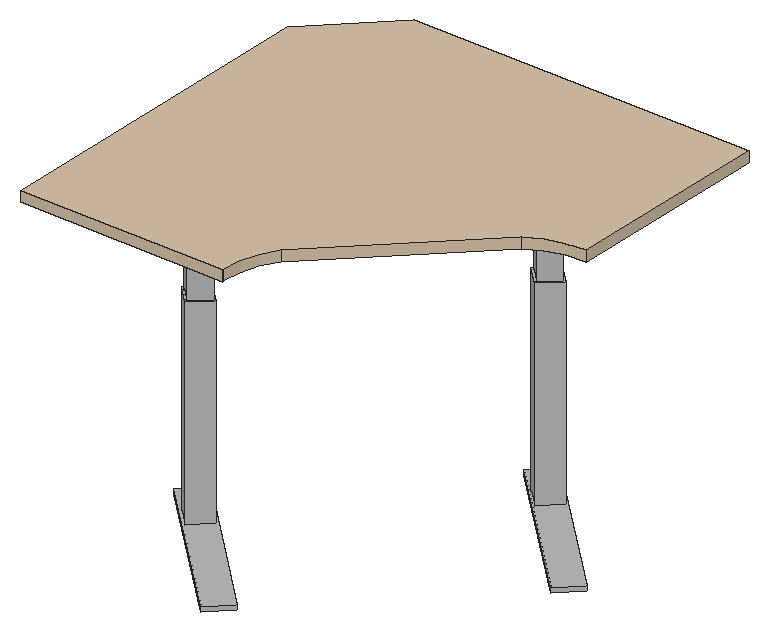
Revit family "Haworth_Planes_HeightAdjustTable_90-Notched", category Furniture Systems, Revit 2018
Family settings
  Round Connector Dimension = Use Diameter
  Part Type = Normal
  OmniClass Number = 23.40.70.14.64.21
  OmniClass Title = Systems Furniture
  Work Plane-Based = No
  Always vertical = Yes
  Cut with Voids When Loaded = No
  Shared = No
  Room Calculation Point = No
Parameters (values of type "46w 23d")
  Width = 46"
  Warranty = "http://www.haworth.com/resources/product-info/warranties"
  URL - Product = "https://www.haworth.com/products/tables/height-adjustable/planes"
  Table Finish [instance] = Haworth _ Laminate _ Maple H-AE
  Table Edge Finish [instance] = Haworth _ Laminate _ Maple H-AE
  Model = "TACN"  # constant formula
  Min/Max Width = "34, 40, 46 in."  # constant formula
  Min/Max Depth = "23 in."  # constant formula
  Min. Height = 27"  # constant formula
  Min. Width = 34"  # constant formula
  Min. Depth = 23"  # constant formula
  Max. Height = 46"  # constant formula
  Max. Width = 46"  # constant formula
  Max. Depth = 23"  # constant formula
  URL = "www.haworth.com"
  Support Height = Actual Height - Top Thickness  # 38 13/16"
  Size = "Verify Final Dim. w/ Haworth"  # constant formula
  Revision Number = "1"  # constant formula
  Manufacturer = "Haworth"  # constant formula
  Leg Side Offset = if(Width < 40", 11 1/2", if(Width = 40", 14", 17"))  # 17"
  Leg Finish [instance] = Haworth _ Paint _ Metallic Champagne
  Leg Back Offset = if(Width < 40", 14 11/32", if(Width = 40", 16 31/32", 18 5/32"))  # 18 5/32"
  Height = 40"
  Description = "Haworth Planes - HAT - 90 Notched - 46w 23d"
  Depth = 23"
  Custom Size = not(and(Depth = 23", or(Width = 34", Width = 40", Width = 46")))  # no
  Base Tube Finish = Haworth _ Paint _ Smoke
  Back Start Control = if(Actual Width < 40", 4 1/4", 5 83/128")  # 5 83/128"
  Author = "Haworth (Alias)"  # constant formula
  Assembly Code = "E2020200"
  Actual Width = if(Width > Max. Width, Max. Width, if(Width < Min. Width, Min. Width, Width))  # 46"
  Actual Height = if(Height > Max. Height, Max. Height, if(Height < Min. Height, Min. Height, Height))  # 40"
  Top Thickness = 1 3/16"  # constant formula
  Actual Depth = if(Depth > Max. Depth, Max. Depth, if(Depth < Min. Depth, Min. Depth, Depth))  # 23"
  23 Deep = Actual Depth < 27"  # yes
Types (3): name | Width | Leg Side Offset | Leg Back Offset | Description | Back Start Control | Actual Width
  40w 23d | 40" | 14" | 16 31/32" | "Haworth Planes - HAT - 90 Notched - 40w 23d" | 5 83/128" | 40"
  34w 23d | 34" | 11 1/2" | 14 11/32" | "Haworth Planes - HAT - 90 Notched - 34w 23d" | 4 1/4" | 34"
  46w 23d | 46" | 17" | 18 5/32" | "Haworth Planes - HAT - 90 Notched - 46w 23d" | 5 83/128" | 46"
Reference planes (in)
  plane 1 "Floor": z = 0
  plane 2 "Center L/R": x = 9
  plane 3 "Top": z = 40
  plane 4 "Table Bottom": z = 38.8125
  plane 5 "Back": y = 5.5
  plane 6 "Left": x = -14
  plane 7 "Inside Front": y = -17.5
  plane 8 "Right": x = 32
  plane 9 "Front": y = -40.5
  plane 10 "Inside Right": x = 9
  plane 11 "masking region": z = 38
  plane 12 "Center Angle": through (-14, 5.5, 48) normal (0.7071, 0.7071, 0)
  plane 13 "Back Angle": through (-1.97918, 17.52082, 48) normal (0.7071, 0.7071, 0)
  plane 14 "Front Angle": through (-26.02082, -6.52082, 48) normal (0.7071, 0.7071, 0)
  plane 15 "Center FB": y = -17.5
  plane 16 "Back Worksurface": through (-10.00595, 1.50595, 48) normal (0.7071, -0.7071, 0)
  plane 17 "Leg Middle": through (11.31774, -2.84717, 48) normal (0.7071, -0.7071, 0)
  plane 18 "Back Top Angle": through (-14, 5.5, 48) normal (-0.7071, 0.7071, 0)
Dimensions and locks (in)
  "Actual Height": plane 3 "Top" to level
  "Top Thickness": plane 3 "Top" to plane 4 "Table Bottom"
  "Actual Width": plane 8 "Right" to plane 6 "Left"
  equal spacing: plane 8 "Right", plane 2 "Center L/R", plane 6 "Left"
  "Actual Depth": plane 5 "Back" to plane 7 "Inside Front"
  "Actual Width": plane 5 "Back" to plane 9 "Front"
  "Actual Depth": plane 6 "Left" to plane 10 "Inside Right"
  locked: plane 3 "Top" to plane 11 "masking region" at 2
  equal spacing: plane 5 "Back", plane 15 "Center FB", plane 9 "Front"
  "Leg Side Offset": plane 13 "Back Angle" to plane 12 "Center Angle"
  "Leg Side Offset": plane 12 "Center Angle" to plane 14 "Front Angle"
  "Back Start Control": plane 18 "Back Top Angle" to plane 16 "Back Worksurface"
  "Leg Back Offset": plane 17 "Leg Middle" to plane 16 "Back Worksurface"
  aligned and locked: plane 1 "Floor" to nested 1
  aligned and locked: plane 1 "Floor" to nested 2
  aligned and locked: plane 5 "Back" to nested 2
  aligned and locked: nested 2 to plane 6 "Left"
  aligned and locked: nested 1 to plane 17 "Leg Middle"
  aligned and locked: nested 3 to plane 17 "Leg Middle"
  aligned and locked: nested 1 to plane 14 "Front Angle"
  aligned and locked: plane 13 "Back Angle" to nested 3
  aligned and locked: nested 3 to plane 1 "Floor"
Nested families (in)
  nested 1: "Haworth_Support-Height_Adjustable_Leg_Part" at (-8.21609, -22.381, 0) x (0.7071, 0.7071, 0) z (0, 0, 1), type "Leg"
    with Leg Height 38 13/16"
  nested 2: "Haworth_Planes_Worksurface_90Notched_Part" at (6, -29.5, 0), type "Worksurface"
    with Actual Height 40"
  nested 3: "Haworth_Support-Height_Adjustable_Leg_Part" at (13.881, -0.28391, 0) x (-0.7071, -0.7071, 0) z (0, 0, 1), type "Leg"
    with Leg Height 38 13/16"
Definition of nested family "Haworth_Support-Height_Adjustable_Leg_Part"
  Parameters (values of type "Leg")
    URL = "www.haworth.com"
    Top Support Front = if([29 Deep], 14 1/8", 8 1/8")  # 8 1/8"
    Note = "Verify Final Dim. w/ Haworth"  # constant formula
    Manufacturer = "Haworth"  # constant formula
    Leg Length Middle = if([29 Deep], 9 1/8", 7 1/8")  # 7 1/8"
    Leg Length Front = if([29 Deep], 19 5/16", 16 5/16")  # 16 5/16"
    Leg Length Back = if([29 Deep], 8 1/8", 5 1/8")  # 5 1/8"
    Leg Height = 27 13/16"
    Leg Finish = none
    Glide Finish = none
    Base Tube Finish = none
    Assembly Code = ""
    Actual Depth = if([29 Deep], 27 7/16", 21 7/16")  # 21 7/16"
    29 Deep = not([23 Deep])  # no
    23 Deep = yes
  Reference planes (in)
    plane 1 "Center (Front/Back)": y = 0
    plane 2 "Bottom": z = 0
    plane 3 "Center (Left/Right)": x = 0
    plane 4 "Bottom of Top": z = 27.8125
    plane 5 "Top of Base": z = 2.5625
    plane 6: z = 1.5625
    plane 7: y = 2.4375
    plane 8: y = -12.125
    plane 9: x = 1.375
    plane 10: x = -1.375
    plane 11: x = -1.625
    plane 12: x = 1.625
    plane 13: y = 5.125
    plane 14: y = -16.3125
    plane 15: y = -14.9375
    plane 16: y = 3.9375
    plane 17 "Support Bottom": z = 25.1875
    plane 18: z = 26.5
    plane 19: y = 7.875
    plane 20: y = -8.125
    plane 21 "Top of Leg": z = 23.5625
  Forms (in)
    Extrusion 1, solid, material <- "Leg Finish"
      sketch origin (0, 0, 0) x (0, -1, 0) y (0, 0, -1)
        loop
          line (16.3125, -0.375) -> (-5.125, -0.375) -> (-5.125, -0.875) -> (16.3125, -0.875) -> (16.3125, -0.375)
      from -1.625 to 1.625
    Extrusion 2, solid, material <- "Leg Finish"
      sketch origin (0, 0, 2.5625) x (-1, 0, 0) y (0, -1, 0)
        loop
          line (1.375, -1.375) -> (1.375, 1.375) -> (-1.375, 1.375) -> (-1.375, -1.375) -> (1.375, -1.375)
      from -1.6875 to 21
    Extrusion 3, solid, material <- "Leg Finish"
      sketch origin (-1.375, -19.87459, 48) x (0, -1, 0) y (0, 0, -1)
        loop
          line (-10.24959, 20.1875) -> (-10.24959, 21.66628) -> (-16.14638, 22.8125) -> (-20.66006, 22.8125) -> (-26.24959, 20.55418) -> (-26.24959, 20.1875) -> (-10.24959, 20.1875)
      from 0 to -0.125
    Extrusion 4, solid, material <- "Base Tube Finish"
      sketch origin (0, 0, 2.5625) x (-1, 0, 0) y (0, -1, 0)
        loop
          line (1.1875, -1.1875) -> (1.1875, 1.1875) -> (-1.1875, 1.1875) -> (-1.1875, -1.1875) -> (1.1875, -1.1875)
      from 21 to 25.25
    Extrusion 5, solid, material <- "Glide Finish"
      sketch origin (0, 0, 0) x (1, 0, 0) y (0, 1, 0)
        loop
          circle (0, 2.4375) r 1.12339
        loop
          circle (0, -12.125) r 1.12816
      from 0 to 0.375
  Cuts and joins
    joined: Extrusion 1, Extrusion 2
  Lines and regions (in)
    Masking region 1, detail levels medium+fine
      outline origin (0, 0, 0) x (1, 0, 0) y (0, 1, 0)
        loop
          line (-1.625, -16.3125) -> (1.625, -16.3125) -> (1.625, 5.125) -> (-1.625, 5.125) -> (-1.625, -16.3125)
    symbolic lines, detail levels medium+fine
      curve 1: line (-1.375, 1.375, 0) -> (1.375, 1.375, 0)
      curve 2: line (-1.375, -1.375, 0) -> (-1.375, 1.375, 0)
      curve 3: line (1.375, -1.375, 0) -> (-1.375, -1.375, 0)
      curve 4: line (1.375, 1.375, 0) -> (1.375, -1.375, 0)
  Dimensions and locks (in)
    "Leg Height": plane 4 "Bottom of Top" to level
    level to plane 5 "Top of Base" = 2 9/16"
    level to plane 6 = 1 9/16"
    locked: plane 10 to plane 9 at 2.75
    locked: plane 11 to plane 12 at 3.25
    equal spacing: plane 11, plane 3 "Center (Left/Right)", plane 12
    equal spacing: plane 10, plane 3 "Center (Left/Right)", plane 9
    plane 4 "Bottom of Top" to plane 17 "Support Bottom" = 2 5/8"
    Extrusion 2 sketch curve to plane 1 "Center (Front/Back)" to Extrusion 2 sketch curve = 1 3/8", 1 3/8"
    locked: plane 21 "Top of Leg" to level at 23.5625
    "Leg Length Front": plane 14 to plane 1 "Center (Front/Back)"
    "Leg Length Back": plane 1 "Center (Front/Back)" to plane 13
    locked: plane 14 to plane 15 at 1.375
    locked: plane 15 to plane 8 at 2.8125
    locked: plane 16 to plane 13 at 1.1875
    locked: plane 7 to plane 16 at 1.5
    plane 1 "Center (Front/Back)" to plane 13 = 5 1/8"
    "Top Support Front": plane 20 to plane 1 "Center (Front/Back)"
    angle plane 4 "Bottom of Top" to Extrusion 3 sketch curve = 22.00°
    angle Extrusion 3 sketch curve to plane 4 "Bottom of Top" = 11.00°
    aligned and locked: plane 12 to Extrusion 1
    aligned and locked: Extrusion 1 to plane 11
    aligned and locked: plane 10 to Extrusion 2 sketch curve
    aligned and locked: Extrusion 2 sketch curve to plane 9
    aligned: plane 4 "Bottom of Top" to Extrusion 2
    aligned and locked: Extrusion 3 sketch curve to plane 17 "Support Bottom"
    aligned and locked: Extrusion 3 sketch curve to plane 4 "Bottom of Top"
    aligned and locked: plane 21 "Top of Leg" to cut or joined group of Extrusion 1, Extrusion 2
    aligned and locked: plane 4 "Bottom of Top" to Extrusion 4
    aligned and locked: Extrusion 2 to Extrusion 1
    aligned and locked: Masking region 1 sketch curve to plane 12
    aligned and locked: plane 11 to Masking region 1 sketch curve
    aligned and locked: plane 14 to Masking region 1 sketch curve
    aligned and locked: curve 1 to cut or joined group of Extrusion 1, Extrusion 2
    aligned and locked: curve 2 to cut or joined group of Extrusion 1, Extrusion 2
    aligned and locked: curve 3 to cut or joined group of Extrusion 1, Extrusion 2
    aligned and locked: curve 4 to cut or joined group of Extrusion 1, Extrusion 2
  Automatic sketch dimensions
    plane 19 to Extrusion 3 sketch curve = 1 1/2"
    plane 20 to Extrusion 3 sketch curve = 1 1/2"
    plane 1 "Center (Front/Back)" to Extrusion 3 sketch curve = 0.78546"
    Extrusion 3 sketch curve to plane 1 "Center (Front/Back)" = 3.72822"
    Extrusion 4 sketch curve to plane 9 = 3/16"
    plane 10 to Extrusion 4 sketch curve = 3/16"
    Extrusion 4 sketch curve to plane 1 "Center (Front/Back)" = 1 3/16"
    plane 1 "Center (Front/Back)" to Extrusion 4 sketch curve = 1 3/16"
    Extrusion 5 sketch curve to plane 3 "Center (Left/Right)" = 0"  (x2)
    Extrusion 5 sketch curve to plane 8 = 0"
    Extrusion 5 sketch curve to plane 7 = 0"
    Extrusion 1 sketch curve to plane 13 = 0"
    Extrusion 1 sketch curve to plane 14 = 0"
    Extrusion 1 sketch curve to level = 3/8"
    Extrusion 1 sketch curve to Extrusion 1 sketch curve = 1/2"
    Masking region 1 sketch curve to plane 13 = 0"
    radius of Extrusion 5 sketch curve = 1.12339"
    radius of Extrusion 5 sketch curve = 1.12816"
Definition of nested family "Haworth_Planes_Worksurface_90Notched_Part"
  Parameters (values of type "Worksurface")
    Warranty = "http://www.haworth.com/resources/product-info/warranties"
    User Edge Offset = if(Actual Width < 40", 37 1/4", if(Actual Width < 46", 41 1/2", 45 3/4"))  # 45 3/4"
    URL - Product = "https://www.haworth.com/products/tables/height-adjustable/planes"
    URL = "www.haworth.com"
    Thickness = 1 3/16"  # constant formula
    Table Finish = none
    Table Edge Finish = none
    Size = "Verify Final Dim. w/ Haworth"  # constant formula
    Revision Number = ""
    Model = "Haworth Planes"  # constant formula
    Manufacturer = "Haworth"  # constant formula
    Description = "Haworth Planes Worksurface - Part"
    Back Flat Offset = if(Actual Width < 40", 4 1/4", 5 83/128")  # 5 83/128"
    Author = "Haworth (Alias)"  # constant formula
    Assembly Code = ""
    Actual Width = 46"
    Actual Height = 29"
    Actual Depth = 23"
  Reference planes (in)
    plane 1: z = 0
    plane 2 "Table Front": y = 35
    plane 3 "Table Right": x = 26
    plane 4 "Table Left": x = -20
    plane 5 "Table Back": y = -11
    plane 6 "Table Top": z = 29
    plane 7 "Table Bottom": z = 27.8125
    plane 8 "Knife Edge Middle": z = 28.625
    plane 9: through (-20, 35, 48) normal (0.7071, 0.7071, 0)
    plane 10 "Inside Flat 1": x = 3
    plane 11 "Inside Flat 2": y = 12
    plane 12 "Back Offset": through (-20, 35, 48) normal (-0.7071, 0.7071, 0)
    plane 13 "Worksurface Back": through (-9.73298, 37.27892, 48) normal (0.7071, -0.7071, 0)
    plane 14 "User Edge": through (19.35227, 9.652, 48) normal (0.7071, -0.7071, 0)
  Forms (in)
    Extrusion 1, solid, material <- "Table Finish"
      sketch origin (0, 0, 0) x (1, 0, 0) y (0, 1, 0)
        loop
          line (-12.0119, 35) -> (-20, 27.0119) -> (-20, -11) -> (3, -11) -> (3, -10.95332)
          arc (3, -10.95332) -> (3.44835, -7.82229) -> (4.75736, -4.94291) r 11.15689
          line (4.75736, -4.94291) -> (19.94291, 10.24264)
          arc (19.94291, 10.24264) -> (22.82229, 11.55165) -> (25.95332, 12) r 11.15689
          line (25.95332, 12) -> (26, 12) -> (26, 35) -> (-12.0119, 35)
      from 27.8125 to 29
  Lines and regions (in)
    Masking region 1
      outline origin (0, 0, 0) x (1, 0, 0) y (0, 1, 0)
        loop
          line (-12.0119, 35) -> (-20, 27.0119) -> (-20, -11) -> (3, -11) -> (3, -10.95332)
          arc (3, -10.95332) -> (3.44835, -7.82229) -> (4.75736, -4.94291) r 11.15689
          line (4.75736, -4.94291) -> (19.94291, 10.24264)
          arc (19.94291, 10.24264) -> (22.82229, 11.55165) -> (25.95332, 12) r 11.15689
          line (25.95332, 12) -> (26, 12) -> (26, 35) -> (-12.0119, 35)
  Dimensions and locks (in)
    "Actual Width": plane 4 "Table Left" to plane 3 "Table Right"
    "Thickness": plane 6 "Table Top" to plane 7 "Table Bottom"
    "Actual Height": plane 6 "Table Top" to level
    locked: plane 6 "Table Top" to plane 8 "Knife Edge Middle" at 0.375
    "Actual Width": plane 2 "Table Front" to plane 5 "Table Back"
    "Actual Depth": plane 4 "Table Left" to plane 10 "Inside Flat 1"
    "Actual Depth": plane 11 "Inside Flat 2" to plane 2 "Table Front"
    "Back Flat Offset": plane 12 "Back Offset" to plane 13 "Worksurface Back"
    "User Edge Offset": plane 12 "Back Offset" to plane 14 "User Edge"
    aligned and locked: Extrusion 1 sketch curve to plane 2 "Table Front"
    aligned and locked: plane 6 "Table Top" to Extrusion 1
    aligned and locked: Extrusion 1 to plane 7 "Table Bottom"
    aligned and locked: plane 4 "Table Left" to Masking region 1 sketch curve
    aligned and locked: Masking region 1 sketch curve to plane 2 "Table Front"
    aligned and locked: plane 3 "Table Right" to Masking region 1 sketch curve
    aligned and locked: plane 4 "Table Left" to Extrusion 1 sketch curve
    aligned and locked: plane 13 "Worksurface Back" to Extrusion 1 sketch curve
    aligned and locked: Masking region 1 sketch curve to plane 13 "Worksurface Back"
    aligned and locked: Extrusion 1 sketch curve to plane 5 "Table Back"
    aligned and locked: plane 3 "Table Right" to Extrusion 1 sketch curve
    aligned and locked: Extrusion 1 sketch curve to plane 11 "Inside Flat 2"
    aligned and locked: Extrusion 1 sketch curve to plane 14 "User Edge"
    aligned and locked: Extrusion 1 sketch curve to plane 10 "Inside Flat 1"
    aligned and locked: Masking region 1 sketch curve to plane 5 "Table Back"
    aligned and locked: Masking region 1 sketch curve to plane 11 "Inside Flat 2"
    aligned and locked: Masking region 1 sketch curve to plane 14 "User Edge"
    aligned and locked: plane 10 "Inside Flat 1" to Masking region 1 sketch curve
  Automatic sketch dimensions
    Extrusion 1 sketch curve to plane 5 "Table Back" = 0.04668"
    plane 11 "Inside Flat 2" to Extrusion 1 sketch curve = 1.75736"
    Extrusion 1 sketch curve to Extrusion 1 sketch curve = 0.04668"
    plane 10 "Inside Flat 1" to Extrusion 1 sketch curve = 1.75736"
    plane 10 "Inside Flat 1" to Masking region 1 sketch curve = 1.75736"
    Masking region 1 sketch curve to plane 5 "Table Back" = 0.04668"
    plane 3 "Table Right" to Masking region 1 sketch curve = 0.04668"
    plane 11 "Inside Flat 2" to Masking region 1 sketch curve = 1.75736"
